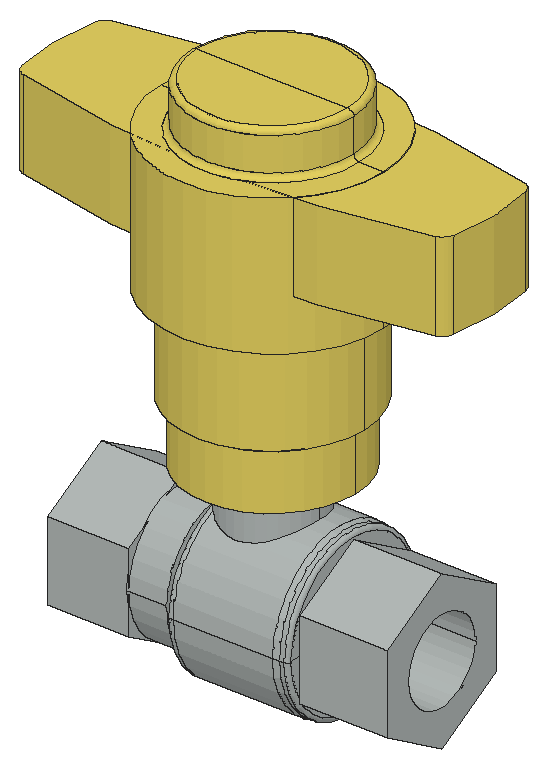
Revit family "QP00560000", category Apparecchi idraulici, Revit 2020
Family settings
  Quota connettore circolare = Usa diametro
  Tipo di parte = Normale
  Numero OmniClass = 23.45.00.00
  Titolo OmniClass = Sanitary, Laundry, and Cleaning Equipment
  Basato su piano di lavoro = No
  Sempre verticale = Sì
  Taglio con vuoti quando caricato = No
  Condiviso = No
  Punto di calcolo locali = No
Parameters
  URL = "https://web.cimberio.com/index.php/figura/924?subcategoria_id="
  Temperatura di esercizio = "-20 ÷ 60°C"
  Prospetto di default = 0 mm
  Produttore = "CIMBERIO SPA"
  Pressione nominale = "MOP 5"
  Modello = "Cim 12GLD"
  Materiale = "Prodotto in lega di ottone conforme alla norma EN 12165-CW617N-DW"
  Descrizione = "Utilizzato nell’impiantistica distributiva di gas a bassa pressione per le categorie:\r\nGas naturali: gas derivati dal petrolio (Metano) e gas di ricambio.\r\nGas di città: prodotti secondo i diversi procedimenti (Cracking - Cokerie - ecc.).\r\nGas liquidi: propano e miscele di gas propano/butano."
  DN Model [instance] = QP00561015 : QP00561015
  DN [instance] = 15 mm
  Commenti sul tipo = "Realizzato in ottemperanza ai requisiti gestionali della norma EN ISO 9001.\r\nCollaudato al 100% secondo la normativa EN 12266-1"
Reference planes
  plane 1 "Centro (Fronte/Retro)": y = 0
  plane 2: z = 0
  plane 3 "Centro (Sinistra/Destra)": x = 0
Dimensions and locks
  aligned and locked: level to plane 2
Nested families
  nested 1: "QP00561015" at (0, 0, 0), type <- "DN Model", type "QP00561015"
  nested 2: "QP00561015" at (0, 0, 0), type <- "DN Model", type "QP00561015"
  nested 3: "QP00561015" at (0, 0, 0), type <- "DN Model", type "QP00561015"
Connectors
  piping at (30.3, 0, 0), diameter 15, driven by "DN"
    settings: on nested 1, index 1, connector inside diameter 609.6 mm, connector length 0 mm, flow factor 0, pipe flow 0.0 L/s, pressure drop 0.0 Pa, fitting loss kfactor 0, connector angle 0.00°, fixture units 0, engagement length 0 mm, angle of deflection 0.00°, flow configuration 0, flow direction 0, fitting loss method 0, system type 7, joint type 0, gender type 0, connector reference index -1, connector utility 0, adjustable connector no, is connector primary yes, connector description ""
  piping at (-30.6, 0, 0), diameter 15, driven by "DN"
    settings: on nested 1, index 2, connector inside diameter 609.6 mm, connector length 0 mm, flow factor 0, pipe flow 0.0 L/s, pressure drop 0.0 Pa, fitting loss kfactor 0, connector angle 0.00°, fixture units 0, engagement length 0 mm, angle of deflection 0.00°, flow configuration 0, flow direction 0, fitting loss method 0, system type 7, joint type 0, gender type 0, connector reference index -1, connector utility 0, adjustable connector no, is connector primary no, connector description ""
Definition of nested family "QP00561015"
  Parameters (values of type "QP00561015")
    Default Elevation = 0 mm
  Reference planes
    plane 1 "Centro (Fronte/Retro)": y = 0
    plane 2: z = 0
    plane 3 "Centro (Sinistra/Destra)": x = 0
  Forms (mm)
    Extrusion 1, solid
      sketch origin (-16, 0, 0) x (0, 0, 1) y (0, 1, 0)
        loop
          circle (0, 0) r 7.5
        loop
          line (-14, 0) -> (-7, -12.124) -> (7, -12.124) -> (14, 0) -> (7, 12.124) -> (-7, 12.124) -> (-14, 0)
      from 0 to 14.6
    Extrusion 2, solid
      sketch origin (16, 0, 0) x (0, 0, 1) y (0, -1, 0)
        loop
          circle (0, 0) r 7.5
        loop
          line (-14, 0) -> (-7, -12.124) -> (7, -12.124) -> (14, 0) -> (7, 12.124) -> (-7, 12.124) -> (-14, 0)
      from -2.262 to 14.3
    Extrusion 3, solid
      sketch origin (0, 0, 28.55) x (1, 0, 0) y (0, 1, 0)
        loop
          circle (0, 0) r 8.45
        loop
          circle (0, 0) r 6.348
      from -20.832 to 5.337
    Revolve 4, solid
      sketch origin (0, 0, 0) x (1, 0, 0) y (0, 0, 1)
        loop
          line (19.924, 49.8) -> (19.924, 74.8) -> (15.5, 74.8)
          arc (15.5, 74.8) -> (14.793, 75.093) -> (14.5, 75.8) r 1
          line (14.5, 75.8) -> (14.5, 81.801)
          arc (14.5, 81.801) -> (14.207, 82.507) -> (13.5, 82.8) r 1
          line (13.5, 82.8) -> (0, 82.8) -> (0, 21.4) -> (14.909, 21.4) -> (14.909, 31.347) -> (16.5, 32.266) -> (16.5, 49.8) -> (19.924, 49.8)
        axis (0, 82.8) -> (0, 21.4)
      angle from 0 to 360
    Revolve 5, solid
      sketch origin (0, 0, 0.345) x (0, 1, 0) y (-1, 0, 0)
        loop
          line (6.091, 16.162) -> (6.091, -14.438) -> (13.893, -14.438)
          arc (13.893, -14.438) -> (14.388, -14.233) -> (14.593, -13.738) r 0.7
          line (14.593, -13.738) -> (14.593, -12.831) -> (14.843, -11.898) -> (14.843, 5.978)
          arc (14.843, 5.978) -> (14.839, 6.406) -> (14.697, 6.809) r 1.301
          line (14.697, 6.809) -> (12.343, 9.162) -> (12.343, 16.162) -> (6.091, 16.162)
        axis (0, 16.162) -> (0, -14.438)
      angle from 0 to 360
    Extrusion 6, solid
      sketch origin (0, 0, 50.345) x (0, 1, 0) y (-1, 0, 0)
        loop
          arc (14.5, -0.218) -> (13.342, 18.354) -> (9.886, 36.638) r 149.5
          arc (9.886, 36.638) -> (9.19, 37.83) -> (7.967, 38.47) r 2.5
          arc (7.967, 38.47) -> (0, 39.282) -> (-7.967, 38.47) r 39.5
          arc (-7.967, 38.47) -> (-9.19, 37.83) -> (-9.886, 36.638) r 2.5
          arc (-9.886, 36.638) -> (-13.342, 18.354) -> (-14.5, -0.218) r 149.5
          arc (-14.5, -0.218) -> (-13.342, -18.789) -> (-9.886, -37.074) r 149.5
          arc (-9.886, -37.074) -> (-9.19, -38.265) -> (-7.967, -38.906) r 2.5
          arc (-7.967, -38.906) -> (0, -39.718) -> (7.967, -38.906) r 39.5
          arc (7.967, -38.906) -> (9.19, -38.265) -> (9.886, -37.074) r 2.5
          arc (9.886, -37.074) -> (13.342, -18.789) -> (14.5, -0.218) r 149.5
      from 8.611 to 24.455
  Dimensions and locks
    aligned and locked: level to plane 2
